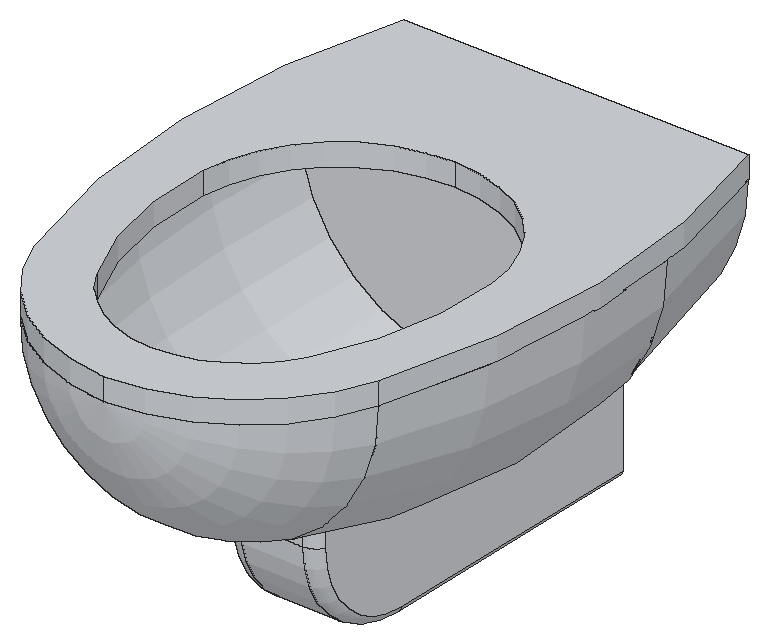
Revit family
Parameters (values of type "520 x 370mm")
  Material = none
  Manufacturer = "Revit"
  Assembly Code = "D2010110"
Reference planes
  plane 1 "Center (Front/Back)": y = 0
  plane 2: z = 0
  plane 3 "Center (Left/Right)": x = 0
  plane 4: y = -244.9
Forms (mm)
  Extrusion 1, solid, material <- "Material"
    sketch origin (0, 0, 307.334) x (1, 0, 0) y (0, 1, 0)
      loop
        arc (-152.704, 0) -> (-185.562, -204.671) -> (-152.704, -409.341) r 653.876
        arc (-152.704, -409.341) -> (-94.349, -490.625) -> (0, -523.953) r 166.984
        arc (0, -523.953) -> (94.349, -490.625) -> (152.704, -409.341) r 166.984
        arc (152.704, -409.341) -> (185.562, -204.671) -> (152.704, 0) r 653.876
        line (152.704, 0) -> (-152.704, 0)
      loop
        arc (0, -134.961) -> (-87.71, -168.958) -> (-128.473, -253.735) r 127.954
        arc (-128.473, -253.735) -> (-122.656, -336.701) -> (-93.86, -414.726) r 294.286
        arc (-93.86, -414.726) -> (-54.664, -456.038) -> (0, -472.002) r 109.21
        arc (0, -472.002) -> (54.664, -456.038) -> (93.86, -414.726) r 109.21
        arc (93.86, -414.726) -> (122.656, -336.701) -> (128.473, -253.735) r 294.286
        arc (128.473, -253.735) -> (87.71, -168.958) -> (0, -134.961) r 127.954
    from -20 to 0
  Blend 2, solid, material <- "Material"
    base sketch origin (0, -124.9, 287.334) x (0, 0, -1) y (-1, 0, 0)
      loop
        line (0, 180) -> (0, -180)
        arc (0, -180) -> (180, 0) -> (0, 180) r 180
    top sketch origin (0, -124.9, 287.334) x (0, 0, -1) y (-1, 0, 0)
      loop
        line (0, 152.605) -> (0, -152.704)
        arc (0, -152.704) -> (152.655, -0.05) -> (0, 152.605) r 152.655
    from 0 to 124.9
  Extrusion 3, solid, material <- "Material"
    sketch origin (0, 0, 307.334) x (0, 1, 0) y (0, 0, 1)
      loop
        arc (0, -158.01) -> (-167.212, -190.758) -> (-337.566, -187.334) r 799.626
        line (-337.566, -187.334) -> (-337.566, -207.334)
        arc (-337.566, -207.334) -> (-310.425, -272.859) -> (-244.9, -300) r 92.666
        line (-244.9, -300) -> (0, -300) -> (0, -158.01)
    from -41.163 to 41.173
  Sweep 4, void
    path origin (41.173, 0, 149.324) x (0, 0, 1) y (0, -1, 0)
      loop
        line (-29.324, 337.566) -> (-49.324, 337.566)
        arc (-49.324, 337.566) -> (-114.849, 310.425) -> (-141.99, 244.9) r 92.666
        line (-141.99, 244.9) -> (-141.99, 0)
    profile origin (0, -122.45, 0) x (0, 0, 1) y (1, 0, 0)
      loop
        line (26.442, 42.532) -> (26.442, 53.837) -> (-3.558, 53.837) -> (-3.558, -51.163) -> (26.442, -51.163) -> (26.442, -43.084) -> (22.334, -43.084)
        arc (22.334, -43.084) -> (11.727, -38.69) -> (7.334, -28.084) r 15
        line (7.334, -28.084) -> (7.334, 27.532)
        arc (7.334, 27.532) -> (11.727, 38.139) -> (22.334, 42.532) r 15
        line (22.334, 42.532) -> (26.442, 42.532)
  Revolve 5, solid, material <- "Material"
    sketch origin (0, 0, 287.334) x (1, 0, 0) y (0, 1, 0)
      loop
        arc (-180.678, -124.9) -> (-182.423, -268.668) -> (-152.704, -409.341) r 653.876
        arc (-152.704, -409.341) -> (-94.349, -490.625) -> (0, -523.953) r 166.984
        line (0, -523.953) -> (0, -490.489)
        arc (0, -490.489) -> (-74.747, -463.526) -> (-120.946, -398.875) r 133.545
        arc (-120.946, -398.875) -> (-149.342, -263.349) -> (-146.974, -124.9) r 620.437
        line (-146.974, -124.9) -> (-180.678, -124.9)
      axis (0, -523.953) -> (0, -124.9)
    angle from 0 to 180
Cuts and joins
  Sweep 4 cuts Extrusion 1
  Sweep 4 cuts Blend 2
  Sweep 4 cuts Extrusion 3
Lines and regions (mm)
  symbolic lines
    curve 1: line (-152.709, 0, 0) -> (152.709, 0, 0)
    curve 2: line (152.709, 0, 0) -> (158.487, -27.227, 0)
    curve 3: arc (158.487, -27.227, 0) -> (158.776, -28.613, 0) -> (159.057, -30, 0) r 241.075
    curve 4: line (159.057, -30, 0) -> (164.872, -59.182, 0)
    curve 5: line (164.872, -59.182, 0) -> (165.032, -60, 0)
    curve 6: line (165.032, -60, 0) -> (167.579, -73.437, 0)
    curve 7: line (167.579, -73.437, 0) -> (170.601, -90, 0)
    curve 8: arc (170.601, -90, 0) -> (171.704, -96.237, 0) -> (172.775, -102.479, 0) r 1279.669
    curve 9: line (172.775, -102.479, 0) -> (175.675, -120, 0)
    curve 10: arc (175.675, -120, 0) -> (176.56, -125.594, 0) -> (177.405, -131.195, 0) r 793.008
    curve 11: line (177.405, -131.195, 0) -> (180.093, -150, 0)
    curve 12: arc (180.093, -150, 0) -> (181.062, -157.316, 0) -> (181.944, -164.642, 0) r 616.84
    curve 13: arc (181.944, -164.642, 0) -> (182.776, -172.317, 0) -> (183.521, -180, 0) r 674.925
    curve 14: arc (183.521, -180, 0) -> (184.103, -187.122, 0) -> (184.551, -194.253, 0) r 382.449
    curve 15: arc (184.551, -194.253, 0) -> (184.906, -202.124, 0) -> (185.128, -210, 0) r 465.009
    curve 16: arc (185.128, -210, 0) -> (185.235, -217.236, 0) -> (185.272, -224.473, 0) r 746.453
    curve 17: arc (185.272, -224.473, 0) -> (185.238, -232.237, 0) -> (185.135, -240, 0) r 859.081
    curve 18: arc (185.135, -240, 0) -> (184.986, -246.797, 0) -> (184.781, -253.592, 0) r 827.316
    curve 19: arc (184.781, -253.592, 0) -> (184.472, -261.797, 0) -> (184.106, -270, 0) r 1206.742
    curve 20: arc (184.106, -270, 0) -> (183.655, -277.967, 0) -> (183.065, -285.924, 0) r 458.517
    curve 21: arc (183.065, -285.924, 0) -> (182.412, -292.969, 0) -> (181.62, -300, 0) r 360.495
    curve 22: arc (181.62, -300, 0) -> (180.779, -306.235, 0) -> (179.785, -312.448, 0) r 257.635
    curve 23: arc (179.785, -312.448, 0) -> (178.191, -321.238, 0) -> (176.447, -330, 0) r 519.485
    curve 24: arc (176.447, -330, 0) -> (174.874, -337.324, 0) -> (173.21, -344.627, 0) r 595.063
    curve 25: arc (173.21, -344.627, 0) -> (171.356, -352.325, 0) -> (169.411, -360, 0) r 664.851
    curve 26: arc (169.411, -360, 0) -> (167.671, -366.435, 0) -> (165.803, -372.834, 0) r 334.519
    curve 27: arc (165.803, -372.834, 0) -> (163.128, -381.437, 0) -> (160.327, -390, 0) r 611.028
    curve 28: arc (160.327, -390, 0) -> (158.241, -395.884, 0) -> (155.955, -401.694, 0) r 182.055
    curve 29: arc (155.955, -401.694, 0) -> (152.036, -410.89, 0) -> (147.922, -420, 0) r 466.837
    curve 30: arc (147.922, -420, 0) -> (144.7, -426.503, 0) -> (141.155, -432.835, 0) r 144.479
    curve 31: arc (141.155, -432.835, 0) -> (135.794, -441.516, 0) -> (130.126, -450, 0) r 285.669
    curve 32: arc (130.126, -450, 0) -> (126.035, -455.463, 0) -> (121.563, -460.617, 0) r 94.986
    curve 33: arc (121.563, -460.617, 0) -> (112.028, -470.482, 0) -> (102.147, -480, 0) r 384.278
    curve 34: arc (102.147, -480, 0) -> (92.028, -488.613, 0) -> (81.195, -496.31, 0) r 152.143
    curve 35: arc (81.195, -496.31, 0) -> (68.753, -503.666, 0) -> (55.762, -510, 0) r 180.05
    curve 36: arc (55.762, -510, 0) -> (44.275, -514.251, 0) -> (32.368, -517.121, 0) r 103.836
    curve 37: arc (32.368, -517.121, 0) -> (16.248, -519.279, 0) -> (0, -520, 0) r 183.366
    curve 38: arc (0, -520, 0) -> (-16.247, -519.279, 0) -> (-32.367, -517.121, 0) r 183.359
    curve 39: arc (-32.367, -517.121, 0) -> (-44.274, -514.251, 0) -> (-55.76, -510, 0) r 103.836
    curve 40: arc (-55.76, -510, 0) -> (-68.753, -503.665, 0) -> (-81.195, -496.309, 0) r 180.041
    curve 41: arc (-81.195, -496.309, 0) -> (-92.026, -488.612, 0) -> (-102.144, -480, 0) r 152.085
    curve 42: arc (-102.144, -480, 0) -> (-112.023, -470.483, 0) -> (-121.556, -460.619, 0) r 384.319
    curve 43: arc (-121.556, -460.619, 0) -> (-126.029, -455.463, 0) -> (-130.12, -450, 0) r 95.043
    curve 44: arc (-130.12, -450, 0) -> (-135.789, -441.515, 0) -> (-141.151, -432.834, 0) r 285.823
    curve 45: arc (-141.151, -432.834, 0) -> (-144.696, -426.502, 0) -> (-147.918, -420, 0) r 144.491
    curve 46: arc (-147.918, -420, 0) -> (-152.033, -410.891, 0) -> (-155.951, -401.695, 0) r 466.426
    curve 47: arc (-155.951, -401.695, 0) -> (-158.238, -395.885, 0) -> (-160.325, -390, 0) r 181.972
    curve 48: arc (-160.325, -390, 0) -> (-163.125, -381.437, 0) -> (-165.8, -372.834, 0) r 610.744
    curve 49: arc (-165.8, -372.834, 0) -> (-167.668, -366.435, 0) -> (-169.408, -360, 0) r 334.334
    curve 50: arc (-169.408, -360, 0) -> (-171.352, -352.327, 0) -> (-173.205, -344.631, 0) r 665.262
    curve 51: arc (-173.205, -344.631, 0) -> (-174.87, -337.326, 0) -> (-176.443, -330, 0) r 595.997
    curve 52: arc (-176.443, -330, 0) -> (-178.189, -321.233, 0) -> (-179.784, -312.437, 0) r 520.023
    curve 53: arc (-179.784, -312.437, 0) -> (-180.777, -306.23, 0) -> (-181.617, -300, 0) r 257.163
    curve 54: arc (-181.617, -300, 0) -> (-182.408, -292.975, 0) -> (-183.061, -285.936, 0) r 359.924
    curve 55: arc (-183.061, -285.936, 0) -> (-183.651, -277.972, 0) -> (-184.102, -270, 0) r 459.215
    curve 56: arc (-184.102, -270, 0) -> (-184.467, -261.793, 0) -> (-184.776, -253.584, 0) r 1209.393
    curve 57: arc (-184.776, -253.584, 0) -> (-184.981, -246.793, 0) -> (-185.13, -240, 0) r 827.255
    curve 58: arc (-185.13, -240, 0) -> (-185.234, -232.238, 0) -> (-185.267, -224.476, 0) r 858.487
    curve 59: arc (-185.267, -224.476, 0) -> (-185.23, -217.238, 0) -> (-185.123, -210, 0) r 746.539
    curve 60: arc (-185.123, -210, 0) -> (-184.902, -202.124, 0) -> (-184.547, -194.253, 0) r 465.042
    curve 61: arc (-184.547, -194.253, 0) -> (-184.098, -187.122, 0) -> (-183.516, -180, 0) r 382.445
    curve 62: arc (-183.516, -180, 0) -> (-182.771, -172.317, 0) -> (-181.939, -164.643, 0) r 675.164
    curve 63: arc (-181.939, -164.643, 0) -> (-181.058, -157.316, 0) -> (-180.089, -150, 0) r 617.085
    curve 64: line (-180.089, -150, 0) -> (-177.401, -131.193, 0)
    curve 65: arc (-177.401, -131.193, 0) -> (-176.556, -125.594, 0) -> (-175.672, -120, 0) r 792.953
    curve 66: line (-175.672, -120, 0) -> (-172.772, -102.479, 0)
    curve 67: arc (-172.772, -102.479, 0) -> (-171.7, -96.237, 0) -> (-170.598, -90, 0) r 1279.549
    curve 68: line (-170.598, -90, 0) -> (-167.576, -73.437, 0)
    curve 69: line (-167.576, -73.437, 0) -> (-165.03, -60, 0)
    curve 70: line (-165.03, -60, 0) -> (-164.87, -59.182, 0)
    curve 71: line (-164.87, -59.182, 0) -> (-159.056, -30, 0)
    curve 72: arc (-159.056, -30, 0) -> (-158.775, -28.613, 0) -> (-158.486, -27.227, 0) r 241.18
    curve 73: line (-158.486, -27.227, 0) -> (-152.709, 0, 0)
    curve 78: line (-40.564, -141.919, 0) -> (-21.443, -137.609, 0)
    curve 79: line (-21.443, -137.609, 0) -> (-6.214, -135.512, 0)
    curve 80: line (-6.214, -135.512, 0) -> (0, -134.961, 0)
    curve 81: line (0, -134.961, 0) -> (6.214, -135.512, 0)
    curve 82: line (6.214, -135.512, 0) -> (21.444, -137.609, 0)
    curve 83: line (21.444, -137.609, 0) -> (40.566, -141.919, 0)
    curve 84: line (40.566, -141.919, 0) -> (58.46, -149.11, 0)
    curve 85: line (58.46, -149.11, 0) -> (69.193, -155.574, 0)
    curve 86: line (69.193, -155.574, 0) -> (80.294, -163.27, 0)
    curve 87: line (80.294, -163.27, 0) -> (91.195, -172.309, 0)
    curve 88: line (91.195, -172.309, 0) -> (101.325, -182.802, 0)
    curve 89: line (101.325, -182.802, 0) -> (110.116, -194.856, 0)
    curve 90: line (110.116, -194.856, 0) -> (116.998, -208.582, 0)
    curve 91: line (116.998, -208.582, 0) -> (123.923, -226.768, 0)
    curve 92: line (123.923, -226.768, 0) -> (126.44, -236.984, 0)
    curve 93: line (126.44, -236.984, 0) -> (128.329, -252.016, 0)
    curve 94: line (128.329, -252.016, 0) -> (129.67, -268.58, 0)
    curve 95: line (129.67, -268.58, 0) -> (129.547, -284.522, 0)
    curve 96: line (129.547, -284.522, 0) -> (128.342, -299.792, 0)
    curve 97: line (128.342, -299.792, 0) -> (126.438, -314.341, 0)
    curve 98: line (126.438, -314.341, 0) -> (122.862, -334.629, 0)
    curve 99: line (122.862, -334.629, 0) -> (118.446, -354.496, 0)
    curve 100: line (118.446, -354.496, 0) -> (114.173, -369.094, 0)
    curve 101: line (114.173, -369.094, 0) -> (111.149, -377.285, 0)
    curve 102: line (111.149, -377.285, 0) -> (106.848, -388.262, 0)
    curve 103: line (106.848, -388.262, 0) -> (101.13, -401.063, 0)
    curve 104: line (101.13, -401.063, 0) -> (93.855, -414.726, 0)
    curve 105: line (93.855, -414.726, 0) -> (84.884, -428.284, 0)
    curve 106: line (84.884, -428.284, 0) -> (74.077, -440.777, 0)
    curve 107: line (74.077, -440.777, 0) -> (61.296, -451.241, 0)
    curve 108: line (61.296, -451.241, 0) -> (46.351, -460.787, 0)
    curve 109: line (46.351, -460.787, 0) -> (35.102, -466.042, 0)
    curve 110: line (35.102, -466.042, 0) -> (21.625, -469.086, 0)
    curve 111: line (21.625, -469.086, 0) -> (0, -472.002, 0)
    curve 112: line (0, -472.002, 0) -> (-21.623, -469.086, 0)
    curve 113: line (-21.623, -469.086, 0) -> (-35.098, -466.042, 0)
    curve 114: line (-35.098, -466.042, 0) -> (-46.347, -460.787, 0)
    curve 115: line (-46.347, -460.787, 0) -> (-61.29, -451.241, 0)
    curve 116: line (-61.29, -451.241, 0) -> (-74.073, -440.777, 0)
    curve 117: line (-74.073, -440.777, 0) -> (-84.88, -428.284, 0)
    curve 118: line (-84.88, -428.284, 0) -> (-93.851, -414.726, 0)
    curve 119: line (-93.851, -414.726, 0) -> (-101.126, -401.063, 0)
    curve 120: line (-101.126, -401.063, 0) -> (-106.843, -388.262, 0)
    curve 121: line (-106.843, -388.262, 0) -> (-111.143, -377.285, 0)
    curve 122: line (-111.143, -377.285, 0) -> (-114.164, -369.094, 0)
    curve 123: line (-114.164, -369.094, 0) -> (-118.441, -354.496, 0)
    curve 124: line (-118.441, -354.496, 0) -> (-122.86, -334.629, 0)
    curve 125: line (-122.86, -334.629, 0) -> (-126.438, -314.341, 0)
    curve 126: line (-126.438, -314.341, 0) -> (-128.339, -299.792, 0)
    curve 127: line (-128.339, -299.792, 0) -> (-129.544, -284.522, 0)
    curve 128: line (-129.544, -284.522, 0) -> (-129.667, -268.58, 0)
    curve 129: line (-129.667, -268.58, 0) -> (-128.327, -252.016, 0)
    curve 130: line (-128.327, -252.016, 0) -> (-126.436, -236.984, 0)
    curve 131: line (-126.436, -236.984, 0) -> (-123.918, -226.768, 0)
    curve 132: line (-123.918, -226.768, 0) -> (-116.995, -208.582, 0)
    curve 133: line (-116.995, -208.582, 0) -> (-110.113, -194.856, 0)
    curve 134: line (-110.113, -194.856, 0) -> (-101.323, -182.802, 0)
    curve 135: line (-101.323, -182.802, 0) -> (-91.194, -172.309, 0)
    curve 136: line (-91.194, -172.309, 0) -> (-80.294, -163.27, 0)
    curve 137: line (-80.294, -163.27, 0) -> (-69.191, -155.574, 0)
    curve 138: line (-69.191, -155.574, 0) -> (-58.455, -149.11, 0)
    curve 139: line (-58.455, -149.11, 0) -> (-40.564, -141.919, 0)
  symbolic lines, detail levels medium+fine
    curve 74: arc (-89.273, -82.245, 0) -> (-79.273, -92.245, 0) -> (-69.273, -82.245, 0) r 10
    curve 75: arc (-69.273, -82.245, 0) -> (-79.273, -72.245, 0) -> (-89.273, -82.245, 0) r 10
    curve 76: arc (73.765, -82.245, 0) -> (83.765, -92.245, 0) -> (93.765, -82.245, 0) r 10
    curve 77: arc (93.765, -82.245, 0) -> (83.765, -72.245, 0) -> (73.765, -82.245, 0) r 10
    curve 140: line (5.976, -141.954, 0) -> (20.619, -143.977, 0)
    curve 141: line (20.619, -143.977, 0) -> (39.005, -148.127, 0)
    curve 142: line (39.005, -148.127, 0) -> (56.211, -155.039, 0)
    curve 143: line (56.211, -155.039, 0) -> (66.533, -161.26, 0)
    curve 144: line (66.533, -161.26, 0) -> (77.21, -168.662, 0)
    curve 145: line (77.21, -168.662, 0) -> (87.692, -177.354, 0)
    curve 146: line (87.692, -177.354, 0) -> (97.432, -187.442, 0)
    curve 147: line (97.432, -187.442, 0) -> (105.885, -199.033, 0)
    curve 148: line (105.885, -199.033, 0) -> (112.501, -212.235, 0)
    curve 149: line (112.501, -212.235, 0) -> (119.155, -229.721, 0)
    curve 150: line (119.155, -229.721, 0) -> (121.577, -239.539, 0)
    curve 151: line (121.577, -239.539, 0) -> (123.396, -253.99, 0)
    curve 152: line (123.396, -253.99, 0) -> (124.685, -269.928, 0)
    curve 153: line (124.685, -269.928, 0) -> (124.566, -285.259, 0)
    curve 154: line (124.566, -285.259, 0) -> (123.408, -299.937, 0)
    curve 155: line (123.408, -299.937, 0) -> (121.575, -313.915, 0)
    curve 156: line (121.575, -313.915, 0) -> (118.136, -333.429, 0)
    curve 157: line (118.136, -333.429, 0) -> (113.887, -352.531, 0)
    curve 158: line (113.887, -352.531, 0) -> (109.771, -366.57, 0)
    curve 159: line (109.771, -366.57, 0) -> (106.87, -374.443, 0)
    curve 160: line (106.87, -374.443, 0) -> (102.738, -384.997, 0)
    curve 161: line (102.738, -384.997, 0) -> (97.243, -397.305, 0)
    curve 162: line (97.243, -397.305, 0) -> (90.249, -410.44, 0)
    curve 163: line (90.249, -410.44, 0) -> (81.623, -423.478, 0)
    curve 164: line (81.623, -423.478, 0) -> (71.232, -435.49, 0)
    curve 165: line (71.232, -435.49, 0) -> (58.94, -445.552, 0)
    curve 166: line (58.94, -445.552, 0) -> (44.569, -454.739, 0)
    curve 167: line (44.569, -454.739, 0) -> (33.75, -459.793, 0)
    curve 168: line (33.75, -459.793, 0) -> (20.792, -462.718, 0)
    curve 169: line (20.792, -462.718, 0) -> (0, -465.513, 0)
    curve 170: line (0, -465.513, 0) -> (-20.791, -462.718, 0)
    curve 171: line (-20.791, -462.718, 0) -> (-33.752, -459.793, 0)
    curve 172: line (-33.752, -459.793, 0) -> (-44.569, -454.739, 0)
    curve 173: line (-44.569, -454.739, 0) -> (-58.935, -445.552, 0)
    curve 174: line (-58.935, -445.552, 0) -> (-71.227, -435.49, 0)
    curve 175: line (-71.227, -435.49, 0) -> (-81.618, -423.478, 0)
    curve 176: line (-81.618, -423.478, 0) -> (-90.243, -410.44, 0)
    curve 177: line (-90.243, -410.44, 0) -> (-97.237, -397.305, 0)
    curve 178: line (-97.237, -397.305, 0) -> (-102.734, -384.997, 0)
    curve 179: line (-102.734, -384.997, 0) -> (-106.869, -374.443, 0)
    curve 180: line (-106.869, -374.443, 0) -> (-109.776, -366.57, 0)
    curve 181: line (-109.776, -366.57, 0) -> (-113.888, -352.531, 0)
    curve 182: line (-113.888, -352.531, 0) -> (-118.136, -333.429, 0)
    curve 183: line (-118.136, -333.429, 0) -> (-121.577, -313.915, 0)
    curve 184: line (-121.577, -313.915, 0) -> (-123.405, -299.937, 0)
    curve 185: line (-123.405, -299.937, 0) -> (-124.562, -285.259, 0)
    curve 186: line (-124.562, -285.259, 0) -> (-124.678, -269.928, 0)
    curve 187: line (-124.678, -269.928, 0) -> (-123.388, -253.99, 0)
    curve 188: line (-123.388, -253.99, 0) -> (-121.575, -239.539, 0)
    curve 189: line (-121.575, -239.539, 0) -> (-119.154, -229.721, 0)
    curve 190: line (-119.154, -229.721, 0) -> (-112.495, -212.235, 0)
    curve 191: line (-112.495, -212.235, 0) -> (-105.877, -199.033, 0)
    curve 192: line (-105.877, -199.033, 0) -> (-97.425, -187.442, 0)
    curve 193: line (-97.425, -187.442, 0) -> (-87.686, -177.354, 0)
    curve 194: line (-87.686, -177.354, 0) -> (-77.206, -168.662, 0)
    curve 195: line (-77.206, -168.662, 0) -> (-66.534, -161.26, 0)
    curve 196: line (-66.534, -161.26, 0) -> (-56.215, -155.039, 0)
    curve 197: line (-56.215, -155.039, 0) -> (-39.003, -148.127, 0)
    curve 198: line (-39.003, -148.127, 0) -> (-20.615, -143.977, 0)
    curve 199: line (-20.615, -143.977, 0) -> (-5.974, -141.954, 0)
    curve 200: line (-5.974, -141.954, 0) -> (0, -141.421, 0)
    curve 201: line (0, -141.421, 0) -> (5.976, -141.954, 0)
    curve 202: line (0, -181.197, 0) -> (17.767, -181.6, 0)
    curve 203: line (17.767, -181.6, 0) -> (36.235, -182.892, 0)
    curve 204: line (36.235, -182.892, 0) -> (45.847, -184.182, 0)
    curve 205: line (45.847, -184.182, 0) -> (48.116, -185.026, 0)
    curve 206: line (48.116, -185.026, 0) -> (50.235, -186.239, 0)
    curve 207: line (50.235, -186.239, 0) -> (51.172, -188.857, 0)
    curve 208: line (51.172, -188.857, 0) -> (51.172, -204.967, 0)
    curve 209: line (51.172, -204.967, 0) -> (51.172, -231.066, 0)
    curve 210: line (51.172, -231.066, 0) -> (51.172, -244.746, 0)
    curve 211: line (51.172, -244.746, 0) -> (50.778, -248.714, 0)
    curve 212: line (50.778, -248.714, 0) -> (48.463, -257.859, 0)
    curve 213: line (48.463, -257.859, 0) -> (42.524, -268.043, 0)
    curve 214: line (42.524, -268.043, 0) -> (31.59, -278.151, 0)
    curve 215: line (31.59, -278.151, 0) -> (16.753, -286.777, 0)
    curve 216: line (16.753, -286.777, 0) -> (0, -289.349, 0)
    curve 217: line (0, -289.349, 0) -> (-16.751, -286.777, 0)
    curve 218: line (-16.751, -286.777, 0) -> (-31.588, -278.151, 0)
    curve 219: line (-31.588, -278.151, 0) -> (-42.521, -268.043, 0)
    curve 220: line (-42.521, -268.043, 0) -> (-48.459, -257.859, 0)
    curve 221: line (-48.459, -257.859, 0) -> (-50.773, -248.714, 0)
    curve 222: line (-50.773, -248.714, 0) -> (-51.166, -244.746, 0)
    curve 223: line (-51.166, -244.746, 0) -> (-51.166, -231.066, 0)
    curve 224: line (-51.166, -231.066, 0) -> (-51.166, -204.967, 0)
    curve 225: line (-51.166, -204.967, 0) -> (-51.166, -188.857, 0)
    curve 226: line (-51.166, -188.857, 0) -> (-50.231, -186.239, 0)
    curve 227: line (-50.231, -186.239, 0) -> (-48.116, -185.026, 0)
    curve 228: line (-48.116, -185.026, 0) -> (-45.854, -184.182, 0)
    curve 229: line (-45.854, -184.182, 0) -> (-36.238, -182.892, 0)
    curve 230: line (-36.238, -182.892, 0) -> (-17.77, -181.6, 0)
    curve 231: line (-17.77, -181.6, 0) -> (0, -181.197, 0)
